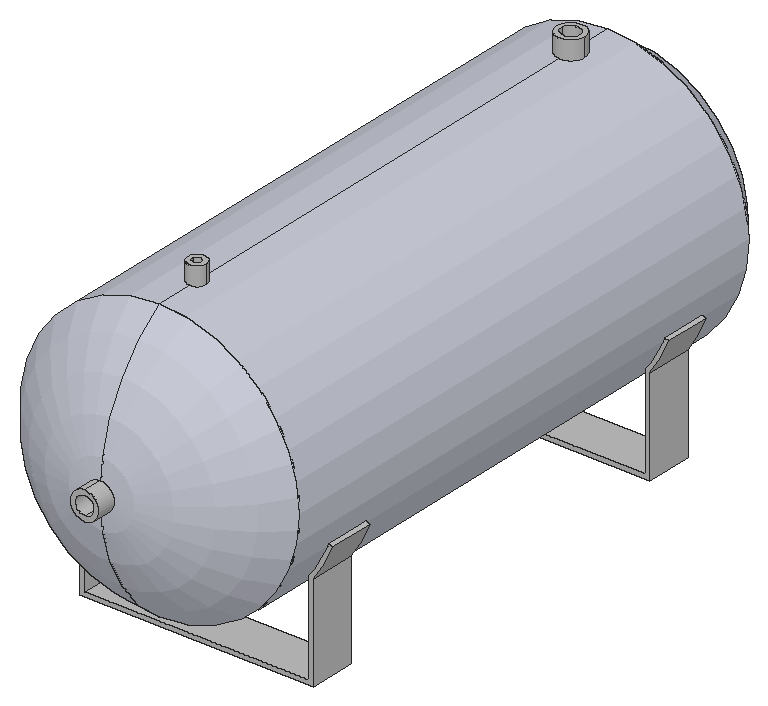
Revit family "MIT Horizontal Air Tank-50L ", category Specialty Equipment, Revit 2022
Family settings
  Round Connector Dimension = Use Diameter
  Part Type = Normal
  Work Plane-Based = Yes
  Always vertical = No
  Cut with Voids When Loaded = No
  Maintain Annotation Orientation = No
  Shared = No
  Room Calculation Point = No
Parameters (values of type "50L- Horizontal Air Tank")
  URL = "https://en.ekinendustriyel.com/pressurized-air-tanks"
  Model = "50L- Horizontal Air Tank"
  Manufacturer = "Ekin Endüstriyel"
  Keynote = "Air Tanks"
  Description = "MIT- Horizontal Air Tank"
  Default Elevation = 0 mm
Reference planes
  plane 1 "Center (Front/Back)": y = 0
  plane 2: z = 0
  plane 3 "Center (Left/Right)": x = 0
Forms (mm)
  Revolve 1, solid, material "Ekin Endüstriyel_P265GH", detail levels medium+fine
    sketch origin (0, 0, 0) x (0, 1, 0) y (0, 0, 1)
      loop
        line (300, 345.5) -> (-300, 345.5)
        arc (-300, 345.5) -> (-358.75, 280.5) -> (-380, 195.5) r 180.625
        line (-380, 195.5) -> (380, 195.5)
        arc (380, 195.5) -> (358.75, 280.5) -> (300, 345.5) r 180.625
      axis (380, 195.5) -> (-380, 195.5)
    angle from 0 to 360
  Extrusion 2, solid, material "Ekin Endüstriyel_S235JR", detail levels coarse
    sketch origin (275, -200, 0) x (-1, 0, 0) y (0, 0, -1)
      loop
        line (400, -105.5) -> (400, 0) -> (150, 0) -> (150, -105.5) -> (400, -105.5)
    from 0 to 50
  Extrusion 3, solid, material "Ekin Endüstriyel_S235JR", detail levels coarse
    sketch origin (275, 200, 0) x (-1, 0, 0) y (0, 0, 1)
      loop
        line (400, 105.5) -> (150, 105.5) -> (150, 0) -> (400, 0) -> (400, 105.5)
    from 0 to 50
  Extrusion 4, solid, material "Ekin Endüstriyel_S235JR", detail levels medium
    sketch origin (275, -485, 0) x (-1, 0, 0) y (0, 0, -1)
      loop
        circle (275, -195.5) r 15
    from -104.961 to -85
  Extrusion 5, solid, material "Ekin Endüstriyel_S235JR", detail levels medium
    sketch origin (275, 485, 0) x (-1, 0, 0) y (0, 0, 1)
      loop
        circle (275, 195.5) r 15
    from -104.965 to -85
  Extrusion 6, solid, material "Ekin Endüstriyel_S235JR", detail levels medium
    sketch origin (275, -195.5, 135.937) x (0, 1, 0) y (-1, 0, 0)
      loop
        circle (195.5, 275) r 15
    from -110.467 to -90.507
  Extrusion 7, solid, material "Ekin Endüstriyel_S235JR", detail levels medium
    sketch origin (0, 0, 0) x (1, 0, 0) y (0, 1, 0)
      loop
        circle (0, 250) r 15
    from 345.503 to 365
  Extrusion 8, solid, material "Ekin Endüstriyel_S235JR", detail levels medium
    sketch origin (0, 0, 0) x (1, 0, 0) y (0, 1, 0)
      loop
        circle (0, -250) r 10
    from 345.563 to 365
  Extrusion 9, solid, material "Ekin Endüstriyel_S235JR", detail levels fine
    sketch origin (275, -485, 0) x (-1, 0, 0) y (0, 0, -1)
      loop
        circle (275, -195.5) r 15
      loop
        circle (275, -195.5) r 10
    from -104.961 to -85
  Extrusion 10, solid, material "Ekin Endüstriyel_S235JR", detail levels fine
    sketch origin (275, 485, 0) x (-1, 0, 0) y (0, 0, 1)
      loop
        circle (275, 195.5) r 15
      loop
        circle (275, 195.5) r 10
    from -104.965 to -85
  Extrusion 11, solid, material "Ekin Endüstriyel_S235JR", detail levels fine
    sketch origin (275, -195.5, 135.937) x (0, 1, 0) y (-1, 0, 0)
      loop
        circle (195.5, 275) r 15
      loop
        circle (195.5, 275) r 10
    from -110.467 to -90.507
  Extrusion 12, solid, material "Ekin Endüstriyel_S235JR", detail levels fine
    sketch origin (0, 0, 0) x (1, 0, 0) y (0, 1, 0)
      loop
        circle (0, 250) r 10
      loop
        circle (0, 250) r 15
    from 345.503 to 365
  Extrusion 13, solid, material "Ekin Endüstriyel_S235JR", detail levels fine
    sketch origin (0, 0, 0) x (1, 0, 0) y (0, 1, 0)
      loop
        circle (0, -250) r 10
      loop
        circle (0, -250) r 5
    from 345.563 to 365
  Extrusion 14, solid, material "Ekin Endüstriyel_S235JR", detail levels fine
    sketch origin (275, -200, 0) x (-1, 0, 0) y (0, 0, -1)
      loop
        line (415.323, -142.495) -> (420, -140.728)
        arc (420, -140.728) -> (411.254, -121.608) -> (400, -103.848) r 155
        line (400, -103.848) -> (400, 0) -> (150, 0) -> (150, -103.848)
        arc (150, -103.848) -> (138.746, -121.608) -> (130, -140.728) r 155
        line (130, -140.728) -> (134.677, -142.495)
        arc (134.677, -142.495) -> (143.531, -123.279) -> (155, -105.5) r 150
        line (155, -105.5) -> (155, -5) -> (395, -5) -> (395, -105.5)
        arc (395, -105.5) -> (406.469, -123.279) -> (415.323, -142.495) r 150
    from 0 to 50
  Extrusion 15, solid, material "Ekin Endüstriyel_S235JR", detail levels fine
    sketch origin (275, 200, 0) x (-1, 0, 0) y (0, 0, 1)
      loop
        arc (415.323, 142.495) -> (406.469, 123.279) -> (395, 105.5) r 150
        line (395, 105.5) -> (395, 5) -> (155, 5) -> (155, 105.5)
        arc (155, 105.5) -> (143.531, 123.279) -> (134.677, 142.495) r 150
        line (134.677, 142.495) -> (130, 140.728)
        arc (130, 140.728) -> (138.746, 121.608) -> (150, 103.848) r 155
        line (150, 103.848) -> (150, 0) -> (400, 0) -> (400, 103.848)
        arc (400, 103.848) -> (411.254, 121.608) -> (420, 140.728) r 155
        line (420, 140.728) -> (415.323, 142.495)
    from 0 to 50
  Extrusion 16, solid, material "Ekin Endüstriyel_S235JR", detail levels coarse
    sketch origin (0, 0, 0) x (1, 0, 0) y (0, 0, 1)
      loop
        circle (0, 195.5) r 150
    from -400 to 400
  Extrusion 17, solid, material "Ekin Endüstriyel_S235JR", detail levels medium
    sketch origin (275, -200, 0) x (-1, 0, 0) y (0, 0, -1)
      loop
        line (400, -105.5) -> (400, 0) -> (150, 0) -> (150, -105.5) -> (155, -105.5) -> (155, -5) -> (395, -5) -> (395, -105.5) -> (400, -105.5)
    from 0 to 50
  Extrusion 18, solid, material "Ekin Endüstriyel_S235JR", detail levels medium
    sketch origin (275, 200, 0) x (-1, 0, 0) y (0, 0, 1)
      loop
        line (400, 105.5) -> (395, 105.5) -> (395, 5) -> (155, 5) -> (155, 105.5) -> (150, 105.5) -> (150, 0) -> (400, 0) -> (400, 105.5)
    from 0 to 50
Cuts and joins
  joined: Extrusion 4, Extrusion 5
  joined: Extrusion 2, Extrusion 3, Extrusion 16
Dimensions and locks
  aligned and locked: level to plane 2
Connectors
  piping at (0, 250, 365), diameter 12.7
    settings: on Extrusion 7, index 1, connector inside diameter 609.6 mm, connector length 0 mm, flow factor 0, pipe flow 0.0 m³/h, pressure drop 0.0 bar, fitting loss kfactor 0, connector angle 0.00°, fixture units 0, engagement length 0 mm, angle of deflection 0.00°, flow configuration 0, flow direction 0, fitting loss method 0, system type 7, joint type 0, gender type 0, connector reference index -1, connector utility 0, adjustable connector no, is connector primary yes, connector description ""
  piping at (0, 400, 195.5), diameter 12.7
    settings: on cut or joined group of Extrusion 4, Extrusion 5, index 2, connector inside diameter 609.6 mm, connector length 0 mm, flow factor 0, pipe flow 0.0 m³/h, pressure drop 0.0 bar, fitting loss kfactor 0, connector angle 0.00°, fixture units 0, engagement length 0 mm, angle of deflection 0.00°, flow configuration 0, flow direction 0, fitting loss method 0, system type 7, joint type 0, gender type 0, connector reference index -1, connector utility 0, adjustable connector no, is connector primary no, connector description ""
  piping at (0, 0, 25.47), diameter 12.7
    settings: on Extrusion 6, index 3, connector inside diameter 609.6 mm, connector length 0 mm, flow factor 0, pipe flow 0.0 m³/h, pressure drop 0.0 bar, fitting loss kfactor 0, connector angle 0.00°, fixture units 0, engagement length 0 mm, angle of deflection 0.00°, flow configuration 0, flow direction 0, fitting loss method 0, system type 7, joint type 0, gender type 0, connector reference index -1, connector utility 0, adjustable connector no, is connector primary no, connector description ""
  piping at (0, -400, 195.5), diameter 12.7
    settings: on cut or joined group of Extrusion 4, Extrusion 5, index 4, connector inside diameter 609.6 mm, connector length 0 mm, flow factor 0, pipe flow 0.0 m³/h, pressure drop 0.0 bar, fitting loss kfactor 0, connector angle 0.00°, fixture units 0, engagement length 0 mm, angle of deflection 0.00°, flow configuration 0, flow direction 0, fitting loss method 0, system type 7, joint type 0, gender type 0, connector reference index -1, connector utility 0, adjustable connector no, is connector primary no, connector description ""
  piping at (0, -250, 365), diameter 6.4
    settings: on Extrusion 8, index 5, connector inside diameter 609.6 mm, connector length 0 mm, flow factor 0, pipe flow 0.0 m³/h, pressure drop 0.0 bar, fitting loss kfactor 0, connector angle 0.00°, fixture units 0, engagement length 0 mm, angle of deflection 0.00°, flow configuration 0, flow direction 0, fitting loss method 0, system type 7, joint type 0, gender type 0, connector reference index -1, connector utility 0, adjustable connector no, is connector primary no, connector description ""
